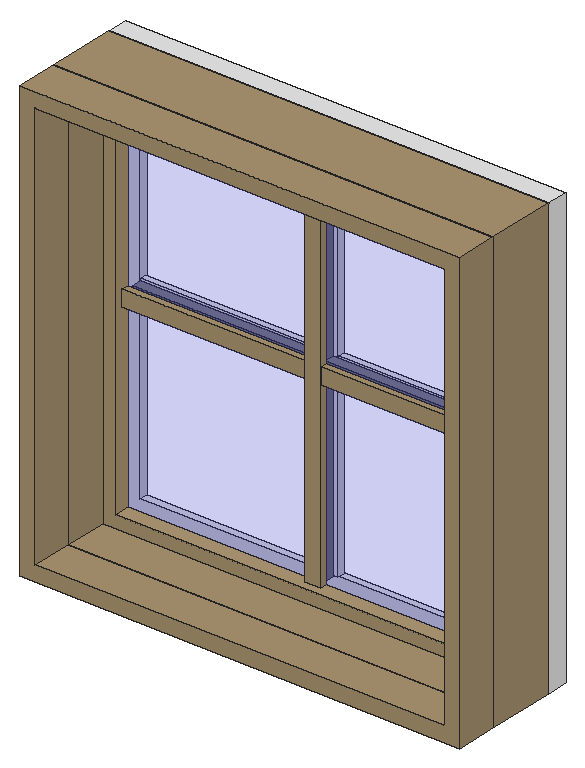
Revit family "Window-Fixed-Pella-Clad-Rectangular-81216-1", category Windows, host Wall, Revit 2013
Parameters (values of type "Rectangular Traditional Grille")
  Warranty = "https://content.pella.com/cs/groups/public/documents/document/mdaw/mde3/~edisp/pel-017828.pdf?_ga=1.89380059.1797906072.1467308852"
  Wall Thickness [instance] = 0' - 6"
  Visual Light Transmittance = 0.76
  Vertical Grille Spacing = (Width - 0' 2 3/8") / (Vertical Mullions + 1)  # 0' - 7.20833"
  Vertical Grille Offset = Vertical Grille Spacing - Mullions / 2  # 0' - 6.77083"
  Traditional Grille Single Vertical = and(Traditional Lites Wide = 2, Traditional Grille)  # yes
  Traditional Grille Single Horizontal = and(Traditional Lites High = 2, Traditional Grille)  # yes
  Traditional Grille Array Vertical = and(Traditional Lites Wide > 2, Traditional Grille)  # no
  Traditional Grille = yes
  Traditional Lites Wide = 2
  Nail Fin = yes
  Max Lites = 10  # constant formula
  Horizontal Mullions = if(and(Traditional Lites High < Max Lites, Traditional Lites High > 3), Traditional Lites High - 1, if(or(Traditional Lites High = Max Lites, Traditional Lites High > Max Lites), Max Lites - 1, 2))  # 2
  URL = "http://professional.pella.com"
  Type Comments = "Fixed"  # constant formula
  Traditional Grille Array Horizontal = and(Traditional Lites High > 2, Traditional Grille)  # no
  Thermal Resistance (R) = 2.8573 (h·ft²·°F)/BTU
  Specification = "http://media.pella.com/professional/adm/Wood-CSI_Specs/08554.rtf?_ga=1.123836746.1797906072.1467308852"
  Solar Heat Gain Coefficient = 0.65
  Rough Width = Width + 0' 0 3/4"  # 2' - 0 3/4"
  Rough Height = Height + 0' 0 3/4"  # 2' - 0 3/4"
  Requested Height = 2' - 0"
  Product Page URL = "http://professional.pella.com/windows/product-details/fixed-frame-architect"
  Product Name = "Fixed Frame Direct Set"  # constant formula
  Product Documentation Link = "http://media.pella.com/professional/adm/Clad-Wood/FFDS_DD.pdf?_ga=1.89709019.1797906072.1467308852"
  Prairie Offset = 0' - 3"  # constant formula
  Prairie Grille = no
  Operation = "Fixed"  # constant formula
  Offset = 0' - 0"
  Mullions = 0' - 0 7/8"  # constant formula
  Model = "Rectangular"  # constant formula
  Min Width = 0' - 8"  # constant formula
  Min Height = 0' - 8"  # constant formula
  Max Width = 10' - 0"  # constant formula
  Max Height = 10' - 0"  # constant formula
  Material = "Wood - Pine"  # constant formula
  Manufacturer = "Pella"  # constant formula
  Requested Width = 2' - 0"
  LEED = "http://professional.pella.com/support/leed"
  Jamb Extensions Depth [instance] = if(Jamb Extensions Calc > 0' 0 1/8", Jamb Extensions Calc, 0' 0 1/8")  # 0' - 2 9/32"
  Jamb Extensions Calc [instance] = if(Offset > 0' 0", Wall Thickness - 0' 3 23/32" + Offset, Wall Thickness - 0' 3 23/32" - Inset)  # 0' - 2 9/32"
  Jamb Extensions = yes
  Interior Finish = Wood-Pella-Pine
  Inset = 0' - 0"
  Horizontal Grille Spacing = (Height - 0' 2 3/8") / (Horizontal Mullions + 1)  # 0' - 7.20833"
  Horizontal Grille Offset = Horizontal Grille Spacing - Mullions / 2  # 0' - 6.77083"
  Traditional Lites High = 2
  Height = if(and(Requested Height < Max Height, Requested Height > Min Height), Requested Height, if(or(Requested Height = Max Height, Requested Height > Max Height), Max Height, Min Height))  # 2' - 0"
  Heat Transfer Coefficient (U) = 0.3500 BTU/(h·ft²·°F)
  Grille Width = Width - 0' 3 15/64"  # 1' - 8 49/64"
  Grille Height = Height - 0' 3 15/64"  # 1' - 8 49/64"
  Vertical Mullions = if(and(Traditional Lites Wide < Max Lites, Traditional Lites Wide > 2), Traditional Lites Wide - 1, if(or(Traditional Lites Wide = Max Lites, Traditional Lites Wide > Max Lites), Max Lites - 1, 2))  # 2
  Glazing = Glass-Pella-Low_E-Argon
  Glass Thickness = 0' - 0 13/16"  # constant formula
  Finish = Aluminum-Pella-EnduraClad-White
  Energy Star = "http://www.pella.com/features-options/energy-efficiency/energy-star/"
  Description = "Fixed Frame Direct Set - Interior Glazed"  # constant formula
  Depth = 0' - 5 1/128"  # constant formula
  Default Sill Height = 3' - 0"  # constant formula
  Wall Closure = By host
  Width = if(and(Requested Width < Max Width, Requested Width > Min Width), Requested Width, if(or(Requested Width = Max Width, Requested Width > Max Width), Max Width, Min Width))  # 2' - 0"
  Cladding = "Aluminum"  # constant formula
  Assembly Code = "B2020130"
  Analytic Construction = "Double glazing - 1/8 in thick - low-E/clear (e = 0.2) glass"
Types (4): name | Visual Light Transmittance | Traditional Grille Single Vertical | Traditional Grille Single Horizontal | Traditional Grille | Thermal Resistance (R) | Solar Heat Gain Coefficient | Prairie Grille | Heat Transfer Coefficient (U) | Analytic Construction
  (no name) | 0.76 | yes | yes | yes | 0.5032 m²·K/W | 0.65 | no | 1.9874 W/(m²·K) | "Double glazing - 1/8 in thick - low-E/clear (e = 0.2) glass"
  Rectangular Traditional Grille | 0.76 | yes | yes | yes | 2.8573 (h·ft²·°F)/BTU | 0.65 | no | 0.3500 BTU/(h·ft²·°F) | "Double glazing - 1/8 in thick - low-E/clear (e = 0.2) glass"
  Rectangular Prairie Grille | 0.76 | no | no | no | 2.8573 (h·ft²·°F)/BTU | 0.65 | yes | 0.3500 BTU/(h·ft²·°F) | "Double glazing - 1/8 in thick - low-E/clear (e = 0.2) glass"
  Rectangular No Grille | 0 | no | no | no | 10.0000 (h·ft²·°F)/BTU | 0 | no | 0.1000 BTU/(h·ft²·°F) | "<None>"
Reference planes (in)
  plane 1 "Center (Front/Back)": y = 0
  plane 2: z = 0
  plane 3 "Center (Left/Right)": x = 0
  plane 4 "Left": x = -12
  plane 5 "Right": x = 12
  plane 6 "Sill": z = 36
  plane 7 "Top": z = 60
  plane 8 "Nail Flange": y = 3
  plane 9 "Glass Front": y = 3.15098
  plane 10 "Glass Back": y = 2.33848
  plane 11 "Front": y = 4.2919
  plane 12 "Back": y = -0.71591
  plane 13 "Glass Bottom": z = 37
  plane 14 "Glass Top": z = 59
  plane 15 "Glass Left": x = -11
  plane 16 "Glass Right": x = 11
  plane 17 "Inset": y = 3
  plane 18 "Jamb Extension": y = -0.71875
  plane 19 "Grille Bottom": z = 37.616
  plane 20: z = 58.384
  plane 21: x = 10.384
  plane 22: x = -10.384
  plane 23 "Prarie Right": x = 7.384
  plane 24 "Prarie Left": x = -7.384
  plane 25 "Prarie Top": z = 55.384
  plane 26 "Prarie Bottom": z = 40.616
  plane 27 "Center (Elevation)": z = 48
Forms (in)
  Sweep 1, solid, material "Wood-Pella-Pine" <- "Interior Finish", detail levels medium+fine
    path origin (0, 3, 0) x (-1, 0, 0) y (0, 0, 1)
      loop
        line (-12, 36) -> (12, 36) -> (12, 60) -> (-12, 60) -> (-12, 36)
    profile origin (-12, 3, 48) x (1, 0, 0) y (0, 1, 0)
      loop
        line (0, -3.71591) -> (0.812, -3.71591) -> (0.812, -1.34282) -> (1.48984, -1.34282) -> (1.628, -0.69282) -> (0.812, -0.69282) -> (0.812, 0) -> (0.656, 0) -> (0.656, 0.55504) -> (0.259, 0.55504) -> (0.259, 0.08771) -> (0, 0.08771) -> (0, -3.71591)
  Sweep 2, solid, material "Aluminum-Pella-EnduraClad-White" <- "Finish", detail levels medium+fine
    path origin (0, 3, 0) x (-1, 0, 0) y (0, 0, 1)
      loop
        line (-12, 36) -> (12, 36) -> (12, 60) -> (-12, 60) -> (-12, 36)
    profile origin (-12, 3, 48) x (1, 0, 0) y (0, 1, 0)
      loop
        line (0.656, 0.0129) -> (0.812, 0.0129) -> (0.812, 0.1819) -> (1.616, 0.1819) -> (1.616, 0.6119) -> (0.812, 0.6119) -> (0.79042, 1.2299) -> (0.57394, 1.2299) -> (0.36396, 1.2919) -> (0.197, 1.2919) -> (0.197, 0.9179) -> (0.09, 0.9179) -> (0.09, 1.24933) -> (0, 1.24933) -> (0, 0.0999) -> (0.259, 0.0999) -> (0.259, 0.55504) -> (0.656, 0.55504) -> (0.656, 0.0129)
  Extrusion 3, solid, material "Glass-Pella-Low_E-Argon" <- "Glazing"
    sketch origin (0, 0, 36) x (0, -1, 0) y (1, 0, 0)
      loop
        line (-2.33848, -11) -> (-2.33848, 11) -> (-3.15098, 11) -> (-3.15098, -11) -> (-2.33848, -11)
    from 1 to 23
  Sweep 4, solid, material "Aluminum-Pella-EnduraClad-White" <- "Finish", detail levels coarse
    path origin (0, 3, 0) x (-1, 0, 0) y (0, 0, 1)
      loop
        line (-12, 36) -> (12, 36) -> (12, 60) -> (-12, 60) -> (-12, 36)
    profile origin (-12, 3, 48) x (1, 0, 0) y (0, 1, 0)
      loop
        line (0, 0) -> (1.616, 0) -> (1.616, 0.6119) -> (0.812, 0.6119) -> (0.812, 1.2919) -> (0, 1.2919) -> (0, 0)
  Sweep 5, solid, material "Wood-Pella-Pine" <- "Interior Finish", detail levels coarse
    path origin (0, 3, 0) x (-1, 0, 0) y (0, 0, 1)
      loop
        line (-12, 36) -> (12, 36) -> (12, 60) -> (-12, 60) -> (-12, 36)
    profile origin (-12, 3, 48) x (1, 0, 0) y (0, 1, 0)
      loop
        line (0, -3.71591) -> (0.812, -3.71591) -> (0.812, -1.34282) -> (1.616, -1.34282) -> (1.616, 0) -> (0, 0) -> (0, -3.71591)
  Sweep 6, solid, material "Wood-Pella-Pine" <- "Interior Finish", visible <- "Jamb Extensions"
    path origin (0, -0.71875, 0) x (-1, 0, 0) y (0, 0, 1)
      loop
        line (-12, 36) -> (12, 36) -> (12, 60) -> (-12, 60) -> (-12, 36)
    profile origin (-12, -0.71875, 48) x (1, 0, 0) y (0, 1, 0)
      loop
        line (0, -2.28125) -> (0.812, -2.28125) -> (0.812, 0) -> (0, 0) -> (0, -2.28125)
Lines and regions (in)
  Opening 1
    outline origin (-60, -3, 0) x (1, 0, 0) y (0, 0, 1)
      loop
        line (48, 60) -> (48, 36) -> (72, 36) -> (72, 60) -> (48, 60)
  Masking region 1, detail levels coarse
    outline origin (0, 0, 36) x (0, -1, 0) y (1, 0, 0)
      loop
        line (-3.15098, -10.384) -> (-2.33848, -10.384) -> (-2.33848, 10.384) -> (-3.15098, 10.384) -> (-3.15098, -10.384)
  Masking region 2, detail levels coarse
    outline origin (0, 0, 0) x (0, 1, 0) y (0, 0, 1)
      loop
        line (3.15098, 37.616) -> (3.15098, 58.384) -> (2.33848, 58.384) -> (2.33848, 37.616) -> (3.15098, 37.616)
  Masking region 3, detail levels medium+fine
    outline origin (0, 0, 0) x (0, 1, 0) y (0, 0, 1)
      loop
        line (3.15098, 37) -> (3.15098, 59) -> (3.02598, 59) -> (3.02598, 37) -> (3.15098, 37)
      loop
        line (2.46348, 37) -> (2.46348, 59) -> (2.33848, 59) -> (2.33848, 37) -> (2.46348, 37)
  Masking region 4, detail levels medium+fine
    outline origin (0, 0, 36) x (0, -1, 0) y (1, 0, 0)
      loop
        line (-2.33848, -11) -> (-2.33848, 11) -> (-2.46348, 11) -> (-2.46348, -11) -> (-2.33848, -11)
      loop
        line (-3.02598, -11) -> (-3.02598, 11) -> (-3.15098, 11) -> (-3.15098, -11) -> (-3.02598, -11)
  Masking region 5, visible <- "Jamb Extensions"
    outline origin (0, 0, 48) x (1, 0, 0) y (0, 1, 0)
      loop
        line (-12, -3) -> (-11.188, -3) -> (-11.188, -0.71591) -> (-12, -0.71591) -> (-12, -3)
      loop
        line (11.188, -3) -> (12, -3) -> (12, -0.71591) -> (11.188, -0.71591) -> (11.188, -3)
  Masking region 6, visible <- "Jamb Extensions"
    outline origin (0, 0, 0) x (0, 1, 0) y (0, 0, 1)
      loop
        line (-0.71591, 36) -> (-0.71591, 36.812) -> (-3, 36.812) -> (-3, 36) -> (-0.71591, 36)
      loop
        line (-0.71591, 59.188) -> (-0.71591, 60) -> (-3, 60) -> (-3, 59.188) -> (-0.71591, 59.188)
Text (in)
  text "EXTERIOR" at (-58.6888, 50.90694, 0), in view "Ref. Level"
  text "INTERIOR" at (-58.6888, -37.76638, 0), in view "Ref. Level"
  text "Exterior" at (0, 43.65631, 123.19604), in view "Left"
  text "Exterior" at (0, 18.29385, 125.04747), in view "Right"
Dimensions and locks (in)
  equal spacing: plane 4 "Left", plane 3 "Center (Left/Right)", plane 5 "Right"
  "Width": plane 4 "Left" to plane 5 "Right"
  "Height": plane 6 "Sill" to plane 7 "Top"
  "Default Sill Height": plane 2 to plane 6 "Sill"
  locked: plane 9 "Glass Front" to plane 8 "Nail Flange" at 0.15098
  "Glass Thickness": plane 9 "Glass Front" to plane 10 "Glass Back"
  "Offset": plane 8 "Nail Flange" to plane 17 "Inset"
  locked: Masking region 1 sketch curve to plane 16 "Glass Right" at 0.616
  locked: plane 15 "Glass Left" to Masking region 1 sketch curve at 0.616
  locked: Masking region 2 sketch curve to plane 14 "Glass Top" at 0.616
  locked: plane 13 "Glass Bottom" to Masking region 2 sketch curve at 0.616
  locked: plane 9 "Glass Front" to Masking region 3 sketch curve at 0.125
  locked: Masking region 3 sketch curve to plane 10 "Glass Back" at 0.125
  locked: Masking region 4 sketch curve to plane 10 "Glass Back" at 0.125
  locked: plane 9 "Glass Front" to Masking region 4 sketch curve at 0.125
  plane 4 "Left" to Sweep 1 sketch curve to Sweep 1 sketch curve to Sweep 1 sketch curve to Sweep 1 sketch curve to Sweep 1 sketch curve to Sweep 1 sketch curve = 0' - 0.259" locked, 0' - 0.397" locked, 0' - 0.156" locked, 0' - 0" locked, 0' - 0.67784" locked, 0' - 0.13816" locked
  plane 10 "Glass Back" to Sweep 1 sketch curve to Sweep 1 sketch curve = 0' - 0.0313" locked, 0' - 0.65" locked
  Sweep 1 sketch curve to Sweep 1 sketch curve to plane 8 "Nail Flange" = 0' - 0.46734" locked, 0' - 0.08771" locked
  locked: plane 11 "Front" to plane 8 "Nail Flange" at 1.2919
  "Depth": plane 11 "Front" to plane 12 "Back"
  plane 4 "Left" to Sweep 2 sketch curve to Sweep 2 sketch curve to Sweep 2 sketch curve to Sweep 2 sketch curve to Sweep 2 sketch curve to Sweep 2 sketch curve to Sweep 2 sketch curve to Sweep 2 sketch curve to Sweep 2 sketch curve to Sweep 2 sketch curve = 0' - 0.09" locked, 0' - 0.107" locked, 0' - 0.062" locked, 0' - 0.10496" locked, 0' - 0.20997" locked, 0' - 0.08206" locked, 0' - 0.13442" locked, 0' - 0.02158" locked, 0' - 0" locked, 0' - 0.804" locked
  plane 11 "Front" to Sweep 2 sketch curve to Sweep 2 sketch curve to Sweep 2 sketch curve to Sweep 2 sketch curve to Sweep 2 sketch curve to Sweep 2 sketch curve to Sweep 2 sketch curve to Sweep 2 sketch curve = 0' - 0.04257" locked, 0' - 0.01943" locked, 0' - 0.312" locked, 0' - 0.306" locked, 0' - 0.05686" locked, 0' - 0.37314" locked, 0' - 0.082" locked, 0' - 0.087" locked
  locked: plane 6 "Sill" to plane 13 "Glass Bottom" at 1
  locked: plane 7 "Top" to plane 14 "Glass Top" at 1
  locked: plane 16 "Glass Right" to plane 5 "Right" at 1
  locked: plane 4 "Left" to plane 15 "Glass Left" at 1
  locked: Sweep 4 sketch curve to plane 8 "Nail Flange" at 0.6119
  plane 4 "Left" to Sweep 4 sketch curve to Sweep 4 sketch curve = 0' - 0.812" locked, 0' - 0.804" locked
  locked: plane 8 "Nail Flange" to Sweep 5 sketch curve at 1.34282
  plane 4 "Left" to Sweep 5 sketch curve to Sweep 5 sketch curve = 0' - 0.812" locked, 0' - 0.804" locked
  "Inset": host wall to plane 17 "Inset"
  "Wall Thickness": host wall to host wall
  "Jamb Extensions Depth": host wall to plane 18 "Jamb Extension"
  locked: plane 4 "Left" to Sweep 6 sketch curve at 0.812
  locked: plane 20 to plane 7 "Top" at 1.616
  locked: plane 6 "Sill" to plane 19 "Grille Bottom" at 1.616
  locked: plane 5 "Right" to plane 21 at 1.616
  locked: plane 4 "Left" to plane 22 at 1.616
  "Prairie Offset": plane 19 "Grille Bottom" to plane 26 "Prarie Bottom"
  "Prairie Offset": plane 25 "Prarie Top" to plane 20
  "Prairie Offset": plane 21 to plane 23 "Prarie Right"
  "Prairie Offset": plane 24 "Prarie Left" to plane 22
  Sweep 4 to plane 9 "Glass Front" = 0' - 0 59/128"
  locked: nested 7 to plane 9 "Glass Front" at 0
  locked: nested 8 to plane 9 "Glass Front" at 0
  locked: plane 21 to nested 8 at 0.00237
  "Vertical Grille Offset": nested 9 to plane 21
  group 2 to group 1 = 0' - 7.20833"
  group 1 to group 2 = 0' - 0"  (x2)
  "Vertical Grille Spacing": nested 10 to nested 9
  "Horizontal Grille Offset": plane 19 "Grille Bottom" to nested 11
  group 3 to group 4 = 0' - 0"  (x2)
  group 3 to group 4 = 0' - 7.20833"
  "Horizontal Grille Spacing": nested 11 to nested 12
  locked: nested 12 to plane 21 at 0
  equal spacing: plane 6 "Sill", plane 27 "Center (Elevation)", plane 7 "Top"
  locked: nested 14 to plane 27 "Center (Elevation)"
  locked: plane 4 "Left" to Masking region 5 sketch curve at 0.812
  locked: Masking region 5 sketch curve to plane 5 "Right" at 0.812
  locked: Masking region 6 sketch curve to plane 7 "Top" at 0.812
  locked: plane 6 "Sill" to Masking region 6 sketch curve at 0.812
  aligned and locked: plane 7 "Top" to Opening 1 sketch curve
  aligned and locked: plane 6 "Sill" to Opening 1 sketch curve  (x2)
  aligned and locked: plane 5 "Right" to Opening 1 sketch curve
  aligned and locked: plane 4 "Left" to Opening 1 sketch curve
  aligned and locked: level to plane 2
  aligned and locked: nested 1 to plane 8 "Nail Flange"
  aligned and locked: nested 1 to plane 5 "Right"
  aligned and locked: plane 8 "Nail Flange" to nested 2
  aligned and locked: nested 2 to plane 4 "Left"
  aligned and locked: plane 8 "Nail Flange" to nested 3
  aligned and locked: nested 3 to plane 6 "Sill"
  aligned and locked: nested 4 to plane 8 "Nail Flange"
  aligned and locked: nested 4 to plane 7 "Top"
  aligned and locked: Masking region 1 sketch curve to plane 9 "Glass Front"
  aligned and locked: plane 10 "Glass Back" to Masking region 1 sketch curve
  aligned and locked: plane 10 "Glass Back" to Masking region 2 sketch curve
  aligned and locked: Masking region 2 sketch curve to plane 9 "Glass Front"
  aligned and locked: plane 10 "Glass Back" to Masking region 3 sketch curve
  aligned and locked: Masking region 3 sketch curve to plane 9 "Glass Front"
  aligned and locked: plane 9 "Glass Front" to Masking region 4 sketch curve
  aligned and locked: Masking region 4 sketch curve to plane 10 "Glass Back"
  aligned and locked: Sweep 1 sketch curve to plane 5 "Right"
  aligned and locked: plane 4 "Left" to Sweep 1 sketch curve  (x2)
  aligned and locked: Sweep 1 sketch curve to plane 7 "Top"
  aligned and locked: plane 6 "Sill" to Sweep 1 sketch curve
  aligned and locked: Sweep 1 sketch curve to plane 12 "Back"
  aligned and locked: plane 8 "Nail Flange" to Sweep 1 sketch curve
  aligned and locked: Sweep 2 sketch curve to plane 5 "Right"
  aligned and locked: plane 4 "Left" to Sweep 2 sketch curve  (x2)
  aligned and locked: plane 6 "Sill" to Sweep 2 sketch curve
  aligned and locked: Sweep 2 sketch curve to plane 7 "Top"
  aligned and locked: plane 11 "Front" to Sweep 2 sketch curve
  aligned and locked: plane 10 "Glass Back" to Extrusion 3 sketch curve
  aligned and locked: Extrusion 3 sketch curve to plane 9 "Glass Front"
  aligned and locked: plane 15 "Glass Left" to Extrusion 3 sketch curve
  aligned and locked: plane 16 "Glass Right" to Extrusion 3 sketch curve
  aligned and locked: plane 15 "Glass Left" to Masking region 4 sketch curve  (x2)
  aligned and locked: plane 16 "Glass Right" to Masking region 4 sketch curve  (x2)
  aligned and locked: plane 13 "Glass Bottom" to Masking region 3 sketch curve  (x2)
  aligned and locked: Masking region 3 sketch curve to plane 14 "Glass Top"  (x2)
  aligned and locked: Extrusion 3 to plane 13 "Glass Bottom"
  aligned and locked: plane 14 "Glass Top" to Extrusion 3
  aligned and locked: plane 6 "Sill" to Sweep 4 sketch curve
  aligned and locked: Sweep 4 sketch curve to plane 5 "Right"
  aligned and locked: Sweep 4 sketch curve to plane 7 "Top"
  aligned and locked: plane 4 "Left" to Sweep 4 sketch curve  (x2)
  aligned and locked: plane 11 "Front" to Sweep 4 sketch curve
  aligned and locked: Sweep 4 sketch curve to plane 8 "Nail Flange"
  aligned and locked: plane 4 "Left" to Sweep 5 sketch curve  (x2)
  aligned and locked: Sweep 5 sketch curve to plane 5 "Right"
  aligned and locked: Sweep 5 sketch curve to plane 7 "Top"
  aligned and locked: plane 6 "Sill" to Sweep 5 sketch curve
  aligned and locked: Sweep 5 sketch curve to plane 12 "Back"
  aligned and locked: plane 8 "Nail Flange" to Sweep 5 sketch curve
  aligned and locked: Sweep 6 sketch curve to plane 5 "Right"
  aligned and locked: plane 4 "Left" to Sweep 6 sketch curve  (x2)
  aligned and locked: plane 6 "Sill" to Sweep 6 sketch curve
  aligned and locked: Sweep 6 sketch curve to plane 7 "Top"
  aligned and locked: plane 18 "Jamb Extension" to Sweep 6 sketch curve
  aligned and locked: host wall to Sweep 6 sketch curve
  aligned and locked: plane 9 "Glass Front" to nested 5
  aligned and locked: plane 23 "Prarie Right" to nested 5
  aligned and locked: plane 9 "Glass Front" to nested 6
  aligned and locked: plane 21 to nested 6
  aligned and locked: plane 26 "Prarie Bottom" to nested 6
  aligned and locked: plane 24 "Prarie Left" to nested 7
  aligned and locked: plane 25 "Prarie Top" to nested 8
  aligned and locked: plane 9 "Glass Front" to nested 9
  aligned and locked: plane 9 "Glass Front" to nested 10
  aligned and locked: plane 9 "Glass Front" to nested 11
  aligned and locked: plane 21 to nested 11
  aligned and locked: plane 9 "Glass Front" to nested 12
  aligned and locked: plane 9 "Glass Front" to nested 13
  aligned and locked: plane 3 "Center (Left/Right)" to nested 13
  aligned and locked: plane 9 "Glass Front" to nested 14
  aligned and locked: plane 21 to nested 14
  aligned and locked: plane 12 "Back" to Masking region 5 sketch curve  (x2)
  aligned and locked: host wall to Masking region 5 sketch curve  (x2)
  aligned and locked: plane 4 "Left" to Masking region 5 sketch curve
  aligned and locked: Masking region 5 sketch curve to plane 5 "Right"
  aligned and locked: Masking region 6 sketch curve to plane 6 "Sill"
  aligned and locked: Masking region 6 sketch curve to host wall  (x2)
  aligned and locked: Masking region 6 sketch curve to plane 12 "Back"  (x2)
  aligned and locked: plane 7 "Top" to Masking region 6 sketch curve
Nested families (in)
  nested 1: "Nested-Fixed-Pella-Direct-Rectangular" at (12, 3, 36) x (0, -1, 0) z (0, 0, -1), type "Rectangular Section"
  nested 2: "Nested-Fixed-Pella-Direct-Rectangular" at (-12, 3, 36) x (0, -1, 0) z (0, 0, -1), type "Rectangular Section"
  nested 3: "Nested-Fixed-Pella-Direct-Rectangular" at (0, 3, 36) x (0, -1, 0) z (1, 0, 0), type "Rectangular Section Sill"
  nested 4: "Nested-Fixed-Pella-Direct-Rectangular" at (0, 3, 60) x (0, -1, 0) z (1, 0, 0), type "Rectangular Section"
  nested 5: "Nested-Mullion-Pella" at (7.384, 2.74473, 37.616), visible <- "Prairie Grille", type "Vertical Mullion"
  nested 6: "Nested-Mullion-Pella" at (0.00119, 2.74473, 40.1785), visible <- "Prairie Grille", type "Horizontal Mullion"
  nested 7: "Nested-Mullion-Pella" at (-7.384, 2.74473, 37.616), visible <- "Prairie Grille", type "Vertical Mullion"
  nested 8: "Nested-Mullion-Pella" at (-0.00119, 2.74473, 54.9465), visible <- "Prairie Grille", type "Horizontal Mullion"
  nested 9: "Nested-Mullion-Pella" at (3.61317, 2.74473, 37.616), visible <- "Traditional Grille Array Vertical", type "Vertical Mullion"
  nested 10: "Nested-Mullion-Pella" at (-3.59517, 2.74473, 37.616), visible <- "Traditional Grille Array Vertical", type "Vertical Mullion"
  nested 11: "Nested-Mullion-Pella" at (0.00119, 2.74473, 43.94933), visible <- "Traditional Grille Array Horizontal", type "Horizontal Mullion"
  nested 12: "Nested-Mullion-Pella" at (0.00119, 2.74473, 51.15767), visible <- "Traditional Grille Array Horizontal", type "Horizontal Mullion"
  nested 13: "Nested-Mullion-Pella" at (0, 2.74473, 37.616), visible <- "Traditional Grille Single Vertical", type "Vertical Mullion"
  nested 14: "Nested-Mullion-Pella" at (0.00119, 2.74473, 47.5625), visible <- "Traditional Grille Single Horizontal", type "Horizontal Mullion"
Definition of nested family "Nested-Mullion-Pella"
  Parameters (values of type "Vertical Mullion")
    Width = 0' - 0 7/8"
    Vertical = yes
    URL = "http://www.pella.com/"
    Type Comments = "Mullion"  # constant formula
    Model = "Mullion for Pella Models"  # constant formula
    Manufacturer = "Pella"  # constant formula
    Interior Finish = Wood-Pella-Pine
    Horizontal = no
    Height = 1' - 8 49/64"
    Glass Thickness = 0' - 0 13/16"
    Finish = Aluminum-Pella-EnduraClad-White
    Description = "For use with Pella Models"  # constant formula
    Depth = Glass Thickness + 0' 0 3/4"  # 0' - 1 9/16"
    Default Elevation = 4' - 0"
  Types (2): name | Width | Vertical | Horizontal | Height
    Horizontal Mullion | 1' - 8 49/64" | no | yes | 0' - 0 7/8"
    Vertical Mullion | 0' - 0 7/8" | yes | no | 1' - 8 49/64"
  Reference planes (in)
    plane 1 "Center (Front/Back)": y = 0
    plane 2 "Bottom": z = 0
    plane 3 "Center (Left/Right)": x = 0
    plane 4 "Left": x = -0.4375
    plane 5 "Right": x = 0.4375
    plane 6 "Front": y = -0.78125
    plane 7 "Back": y = 0.78125
    plane 8 "Top": z = 20.76563
    plane 9 "Glass Back": y = 0.40625
    plane 10 "Glass Front": y = -0.40625
    plane 11 "Center (Elevation)": z = 10.38281
  Forms (in)
    Extrusion 1, solid, material "Aluminum-Pella-EnduraClad-White" <- "Finish", detail levels medium+fine
      sketch origin (0, 0, 0) x (1, 0, 0) y (0, 1, 0)
        loop
          line (-0.4375, 0.78125) -> (-0.4375, 0.40625) -> (0.4375, 0.40625) -> (0.4375, 0.78125) -> (-0.4375, 0.78125)
      from 0 to 20.76562
    Extrusion 2, solid, material "Wood-Pella-Pine" <- "Interior Finish", detail levels medium+fine
      sketch origin (0, 0, 0) x (1, 0, 0) y (0, 1, 0)
        loop
          line (-0.4375, -0.40625) -> (-0.4375, -0.78125) -> (0.4375, -0.78125) -> (0.4375, -0.40625) -> (-0.4375, -0.40625)
      from 0 to 20.76562
    Extrusion 3, solid, material "Foam-Pella-Dark_Grey", detail levels medium+fine
      sketch origin (0, 0, 0) x (1, 0, 0) y (0, 1, 0)
        loop
          line (-0.25, -0.28125) -> (0.25, -0.28125) -> (0.25, 0.28125) -> (-0.25, 0.28125) -> (-0.25, -0.28125)
      from 0 to 20.76562
  Lines and regions (in)
    model lines, visible <- "Vertical", detail levels coarse
      curve 1: line (0, -0.40625, 0) -> (0, -0.40625, 20.76563)
      curve 2: line (0, 0.40625, 0) -> (0, 0.40625, 20.76563)
    model lines, visible <- "Horizontal", detail levels coarse
      curve 3: line (-0.4375, 0.40625, 10.38281) -> (0.4375, 0.40625, 10.38281)
      curve 4: line (-0.4375, -0.40625, 10.38281) -> (0.4375, -0.40625, 10.38281)
  Dimensions and locks (in)
    equal spacing: plane 4 "Left", plane 3 "Center (Left/Right)", plane 5 "Right"
    "Width": plane 4 "Left" to plane 5 "Right"
    "Height": plane 8 "Top" to level
    equal spacing: plane 10 "Glass Front", plane 1 "Center (Front/Back)", plane 9 "Glass Back"
    "Glass Thickness": plane 10 "Glass Front" to plane 9 "Glass Back"
    equal spacing: plane 7 "Back", plane 1 "Center (Front/Back)", plane 6 "Front"
    "Depth": plane 7 "Back" to plane 6 "Front"
    equal spacing: plane 8 "Top", plane 11 "Center (Elevation)", level
    locked: plane 10 "Glass Front" to Extrusion 3 sketch curve at 0.125
    locked: plane 9 "Glass Back" to Extrusion 3 sketch curve at 0.125
    locked: plane 4 "Left" to Extrusion 3 sketch curve at 0.1875
    locked: Extrusion 3 sketch curve to plane 5 "Right" at 0.1875
    aligned and locked: plane 2 "Bottom" to level
    aligned and locked: plane 3 "Center (Left/Right)" to curve 1
    aligned and locked: plane 8 "Top" to curve 1
    aligned and locked: level to curve 1
    aligned and locked: curve 2 to plane 3 "Center (Left/Right)"
    aligned and locked: plane 8 "Top" to curve 2
    aligned and locked: level to curve 2
    aligned and locked: plane 5 "Right" to curve 3
    aligned and locked: plane 4 "Left" to curve 3
    aligned and locked: plane 11 "Center (Elevation)" to curve 3
    aligned and locked: curve 4 to plane 11 "Center (Elevation)"
    aligned and locked: plane 5 "Right" to curve 4
    aligned and locked: plane 4 "Left" to curve 4
    aligned and locked: plane 9 "Glass Back" to Extrusion 1 sketch curve
    aligned and locked: Extrusion 1 sketch curve to plane 7 "Back"
    aligned and locked: Extrusion 1 sketch curve to plane 4 "Left"
    aligned and locked: Extrusion 1 sketch curve to plane 5 "Right"
    aligned and locked: plane 6 "Front" to Extrusion 2 sketch curve
    aligned and locked: plane 10 "Glass Front" to Extrusion 2 sketch curve
    aligned and locked: Extrusion 2 sketch curve to plane 4 "Left"
    aligned and locked: Extrusion 2 sketch curve to plane 5 "Right"
    aligned and locked: plane 8 "Top" to Extrusion 2
    aligned and locked: Extrusion 2 to level
    aligned and locked: plane 8 "Top" to Extrusion 1
    aligned and locked: Extrusion 1 to level
    aligned and locked: Extrusion 3 to level
    aligned and locked: plane 8 "Top" to Extrusion 3
Definition of nested family "Nested-Fixed-Pella-Direct-Rectangular"
  Parameters (values of type "Rectangular Section")
    Type Comments = "For use with Pella Direct Set Models"  # constant formula
    Sill = no
    Nail Fin = yes
    Glass Thickness = 0' - 0 13/16"
    Assembly Code = "B2020130"
  Types (2): name | Sill
    Rectangular Section | no
    Rectangular Section Sill | yes
  Reference planes (in)
    plane 1 "Bottom Placement": y = 0
    plane 2: z = 0
    plane 3 "Center (Left/Right)": x = 0
    plane 4 "Back": x = 3.71496
    plane 5 "Front": x = -1.2919
    plane 6 "Glass Intersection": y = 1
    plane 7 "Glass Front": x = -0.15093
    plane 8 "Glass Back": x = 0.66157
  Lines and regions (in)
    Filled region 1, type "Wood - Pella", in view "Ref. Level", detail levels medium+fine
      outline origin (0, 0, 0) x (1, 0, 0) y (0, 1, 0)
        loop
          line (0.13196, 0.07) -> (3.15196, 0.07) -> (3.15196, 0) -> (3.71496, 0) -> (3.71496, 0.812) -> (0, 0.812) -> (0, 0.656) -> (-0.06694, 0.656) -> (-0.06694, 0.767) -> (-0.19946, 0.767)
          arc (-0.19946, 0.767) -> (-0.32101, 0.68713) -> (-0.46309, 0.71819) r 0.1875
          line (-0.46309, 0.71819) -> (-0.55504, 0.70181) -> (-0.55504, 0.31158) -> (-0.37557, 0.168) -> (-0.29842, 0.168) -> (-0.29842, 0.259) -> (-0.08771, 0.259) -> (-0.08771, 0) -> (0.13196, 0) -> (0.13196, 0.07)
    Filled region 2, type "Wood - Pella", in view "Ref. Level", detail levels medium+fine
      outline origin (0, 0, 0) x (1, 0, 0) y (0, 1, 0)
        loop
          line (1.34282, 0.812) -> (1.34282, 1.48984) -> (0.69282, 1.628) -> (0.69282, 0.96784) -> (0.79282, 0.96784) -> (0.79282, 0.812) -> (1.34282, 0.812)
    Masking region 1, in view "Ref. Level", detail levels medium+fine
      outline origin (0, 0, 0) x (1, 0, 0) y (0, 1, 0)
        loop
          line (-1.1063, 0) -> (-1.04986, 0.02362) -> (-0.2799, 0.02362)
          arc (-0.2799, 0.02362) -> (-0.25144, 0.04367) -> (-0.25679, 0.07807) r 0.033
          line (-0.25679, 0.07807) -> (-0.24489, 0.214) -> (-0.1449, 0.214) -> (-0.1449, 0.07562)
          arc (-0.1449, 0.07562) -> (-0.14158, 0.03402) -> (-0.0999, 0.03196) r 0.03161
          line (-0.0999, 0.03196) -> (-0.0999, 0.259) -> (-0.28613, 0.259) -> (-0.30266, 0.07) -> (-0.8729, 0.07) -> (-0.8729, 0.242) -> (-1.2469, 0.242) -> (-1.2469, 0.35779) -> (-1.1849, 0.56776) -> (-1.1849, 0.74696) -> (-0.61111, 0.767) -> (-0.0579, 0.767) -> (-0.0579, 0.6514) -> (-0.0129, 0.6829) -> (-0.0129, 0.812) -> (-0.2719, 0.812) -> (-0.2719, 1.426) -> (-0.1819, 1.426) -> (-0.1819, 1.471) -> (-0.2719, 1.471) -> (-0.2719, 1.571) -> (-0.1819, 1.571) -> (-0.1819, 1.616) -> (-0.6119, 1.616) -> (-0.6119, 0.812) -> (-1.2299, 0.79042) -> (-1.2299, 0.57394) -> (-1.2919, 0.36396) -> (-1.2919, 0.197) -> (-0.9179, 0.197) -> (-0.9179, 0.09) -> (-1.20133, 0.09)
          arc (-1.20133, 0.09) -> (-1.24784, 0.0541) -> (-1.2249, 0) r 0.04809
          line (-1.2249, 0) -> (-1.1063, 0)
        loop
          line (-0.5669, 0.812) -> (-0.3169, 0.812) -> (-0.3169, 1.571) -> (-0.5669, 1.571) -> (-0.5669, 0.812)
    Masking region 2, in view "Ref. Level", visible <- "Nail Fin", detail levels fine
      outline origin (0, 0, 0) x (1, 0, 0) y (0, 1, 0)
        loop
          line (-0.14503, 0.08096) -> (-0.15471, 0.214) -> (-0.24621, 0.214) -> (-0.24621, -0.02866) -> (-0.03125, -0.02866) -> (-0.03125, -1.29825) -> (0, -1.29825) -> (0, 0.00259) -> (-0.21496, 0.00259) -> (-0.21496, 0.18191) -> (-0.18371, 0.18191) -> (-0.17636, 0.08096) -> (-0.14503, 0.08096)
    Masking region 3, in view "Ref. Level", visible <- "Sill", detail levels fine
      outline origin (0, 0, 0) x (1, 0, 0) y (0, 1, 0)
        loop
          line (-0.2022, 0.81775) -> (0.6728, 0.81775) -> (0.6728, 0.99275) -> (-0.2022, 0.99275) -> (-0.2022, 0.81775)
    Masking region 4, in view "Ref. Level", detail levels coarse
      outline origin (0, 0, 0) x (1, 0, 0) y (0, 1, 0)
        loop
          line (-1.2919, 0) -> (3.71496, 0) -> (3.71496, 0.812) -> (1.34282, 0.812) -> (1.34282, 1.616) -> (-0.6119, 1.616) -> (-0.6119, 0.812) -> (-1.2919, 0.812) -> (-1.2919, 0)
  Dimensions and locks (in)
    locked: plane 5 "Front" to plane 3 "Center (Left/Right)" at 1.2919
    locked: plane 3 "Center (Left/Right)" to plane 4 "Back" at 3.71496
    locked: plane 7 "Glass Front" to plane 3 "Center (Left/Right)" at 0.15093
    "Glass Thickness": plane 7 "Glass Front" to plane 8 "Glass Back"
    plane 8 "Glass Back" to Filled region 2 sketch curve to Filled region 2 sketch curve to Filled region 2 sketch curve = 0' - 0 1/32" locked, 0' - 0.1" locked, 0' - 0.55" locked
    plane 1 "Bottom Placement" to Filled region 2 sketch curve to Filled region 2 sketch curve to Filled region 2 sketch curve to Filled region 2 sketch curve = 0' - 0.812" locked, 0' - 0.15584" locked, 0' - 0.522" locked, 0' - 0.13816" locked
    plane 1 "Bottom Placement" to Filled region 1 sketch curve to Filled region 1 sketch curve to Filled region 1 sketch curve to Filled region 1 sketch curve to Filled region 1 sketch curve to Filled region 1 sketch curve to Filled region 1 sketch curve to Filled region 1 sketch curve to Filled region 1 sketch curve to Filled region 1 sketch curve = 0' - 0.07" locked, 0' - 0.098" locked, 0' - 0.091" locked, 0' - 0.05258" locked, 0' - 0.34442" locked, 0' - 0.02799" locked, 0' - 0.01782" locked, 0' - 0.01637" locked, 0' - 0.04881" locked, 0' - 0.045" locked
    Filled region 1 sketch curve to Filled region 1 sketch curve to Filled region 1 sketch curve to Filled region 1 sketch curve to Filled region 1 sketch curve to Filled region 1 sketch curve to Filled region 1 sketch curve to Filled region 1 sketch curve to plane 3 "Center (Left/Right)" to Filled region 1 sketch curve = 0' - 0.09195" locked, 0' - 0.08753" locked, 0' - 0.02042" locked, 0' - 0.05673" locked, 0' - 0.09895" locked, 0' - 0.11176" locked, 0' - 0.02076" locked, 0' - 0.06694" locked, 0' - 0.13196" locked
    locked: Filled region 1 sketch curve to plane 4 "Back" at 0.563
    plane 1 "Bottom Placement" to Masking region 1 sketch curve to Masking region 1 sketch curve to Masking region 1 sketch curve to Masking region 1 sketch curve to Masking region 1 sketch curve to Masking region 1 sketch curve to Masking region 1 sketch curve to Masking region 1 sketch curve to Masking region 1 sketch curve to Masking region 1 sketch curve to Masking region 1 sketch curve to Masking region 1 sketch curve to Masking region 1 sketch curve to Masking region 1 sketch curve to Masking region 1 sketch curve to Masking region 1 sketch curve to Masking region 1 sketch curve to Masking region 1 sketch curve to Masking region 1 sketch curve to Masking region 1 sketch curve to Masking region 1 sketch curve to Masking region 1 sketch curve to Masking region 1 sketch curve to Masking region 1 sketch curve to Masking region 1 sketch curve to Masking region 1 sketch curve to Masking region 1 sketch curve to Masking region 1 sketch curve to Masking region 1 sketch curve to Masking region 1 sketch curve = 0' - 0.02362" locked, 0' - 0.00148" locked, 0' - 0.00687" locked, 0' - 0.00995" locked, 0' - 0.01465" locked, 0' - 0.01344" locked, 0' - 0.00562" locked, 0' - 0.00244" locked, 0' - 0.01193" locked, 0' - 0.107" locked, 0' - 0.017" locked, 0' - 0.028" locked, 0' - 0.017" locked, 0' - 0.09879" locked, 0' - 0.00617" locked, 0' - 0.2038" locked, 0' - 0.00617" locked, 0' - 0.07746" locked, 0' - 0.03151" locked, 0' - 0.06406" locked, 0' - 0.02004" locked, 0' - 0 3/128" locked, 0' - 0.02158" locked, 0' - 0" locked, 0' - 0" locked, 0' - 0.614" locked, 0' - 0.045" locked, 0' - 0.1" locked, 0' - 0" locked, 0' - 0.045" locked
    plane 5 "Front" to Masking region 1 sketch curve to Masking region 1 sketch curve to Masking region 1 sketch curve to Masking region 1 sketch curve to Masking region 1 sketch curve to Masking region 1 sketch curve to Masking region 1 sketch curve to Masking region 1 sketch curve to Masking region 1 sketch curve to Masking region 1 sketch curve to Masking region 1 sketch curve to Masking region 1 sketch curve to Masking region 1 sketch curve to Masking region 1 sketch curve to Masking region 1 sketch curve to Masking region 1 sketch curve to Masking region 1 sketch curve to Masking region 1 sketch curve to Masking region 1 sketch curve to Masking region 1 sketch curve to Masking region 1 sketch curve to Masking region 1 sketch curve to Masking region 1 sketch curve to Masking region 1 sketch curve to Masking region 1 sketch curve to Masking region 1 sketch curve to Masking region 1 sketch curve to Masking region 1 sketch curve to Masking region 1 sketch curve = 0' - 0.04249" locked, 0' - 0.00251" locked, 0' - 0.017" locked, 0' - 0.005" locked, 0' - 0.02357" locked, 0' - 0.01643" locked, 0' - 0.0786" locked, 0' - 0.05644" locked, 0' - 0.13196" locked, 0' - 0.045" locked, 0' - 0.261" locked, 0' - 0.00079" locked, 0' - 0.04421" locked, 0' - 0 1/4" locked, 0' - 0.01423" locked, 0' - 0.01654" locked, 0' - 0.00431" locked, 0' - 0.00192" locked, 0' - 0.008" locked, 0' - 0" locked, 0' - 0.01511" locked, 0' - 0.01189" locked, 0' - 0.063" locked, 0' - 0" locked, 0' - 0.037" locked, 0' - 0.02533" locked, 0' - 0.01967" locked, 0' - 0.042" locked, 0' - 0.045" locked
    Masking region 2 sketch curve to Masking region 2 sketch curve to plane 1 "Bottom Placement" to Masking region 2 sketch curve to Masking region 2 sketch curve to Masking region 2 sketch curve to Masking region 2 sketch curve = 0' - 1.26959" locked, 0' - 0.02866" locked, 0' - 0.00259" locked, 0' - 0.07836" locked, 0' - 0.10096" locked, 0' - 0.03209" locked
    Masking region 2 sketch curve to Masking region 2 sketch curve to Masking region 2 sketch curve to Masking region 2 sketch curve to Masking region 2 sketch curve to Masking region 2 sketch curve to Masking region 2 sketch curve to plane 3 "Center (Left/Right)" = 0' - 0 1/32" locked, 0' - 0 1/32" locked, 0' - 0.00735" locked, 0' - 0.02165" locked, 0' - 0.00968" locked, 0' - 0.11378" locked, 0' - 0 1/32" locked
    plane 6 "Glass Intersection" to Masking region 3 sketch curve to Masking region 3 sketch curve = 0' - 0.00725" locked, 0' - 0.175" locked
    locked: Masking region 3 sketch curve to plane 7 "Glass Front" at 0.05127
    locked: plane 8 "Glass Back" to Masking region 3 sketch curve at 0.01123
    plane 1 "Bottom Placement" to Masking region 4 sketch curve to Masking region 4 sketch curve to Masking region 4 sketch curve = 0' - 0.812" locked, 0' - 0" locked, 0' - 0.804" locked
    locked: Masking region 4 sketch curve to plane 7 "Glass Front" at 0.46097
    locked: plane 8 "Glass Back" to Masking region 4 sketch curve at 0.68125
    aligned and locked: plane 1 "Bottom Placement" to Filled region 1 sketch curve
    aligned and locked: Filled region 1 sketch curve to plane 1 "Bottom Placement"
    aligned and locked: Filled region 1 sketch curve to plane 4 "Back"
    aligned and locked: Filled region 1 sketch curve to plane 3 "Center (Left/Right)"
    aligned and locked: Masking region 1 sketch curve to plane 1 "Bottom Placement"
    aligned and locked: Masking region 1 sketch curve to plane 5 "Front"
    aligned and locked: Masking region 2 sketch curve to plane 3 "Center (Left/Right)"
    aligned and locked: plane 1 "Bottom Placement" to Masking region 4 sketch curve
    aligned and locked: Masking region 4 sketch curve to plane 4 "Back"
    aligned and locked: plane 5 "Front" to Masking region 4 sketch curve
